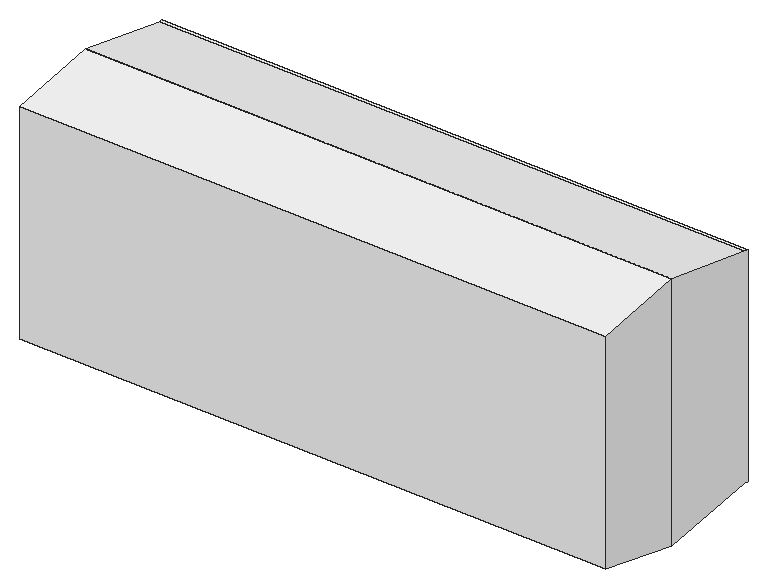
Revit family "T93050. Indus M LED 26m 1-s_Vegg", category Lighting Fixtures, Revit 2016
Family settings
  Part Type = Normal
  Round Connector Dimension = Use Diameter
  OmniClass Number = 23.80.70.00
  OmniClass Title = Lighting
  Work Plane-Based = No
  Always vertical = Yes
  Cut with Voids When Loaded = No
  Light Source = No
  Shared = No
  Room Calculation Point = No
Parameters (values of type "MarkeringsLys (Opp)")
  Type Comments = "-UN"
  NS8360 = "4431_WT2"
  Markeringslys normal = yes
  Markeringslys ikke normal = no
  Keynote = "WT2"
  Height 2 = 0 mm  # constant formula
  Width = 112 mm  # constant formula
  Wattage Comments = "17 W"
  Voltage = 230 V
  URL = ""
  Symbol Positive Direction [instance] = yes
  Symbol Offset Side [instance] = 0 mm
  Symbol Offset Out [instance] = 0 mm
  Reference Line Out [instance] = 50 mm
  Number of Poles = 1
  MarkeringsLys Venstre = no
  MarkeringsLys Ned = no
  MarkeringsLys Opp = yes
  MarkeringsLys Høyre = no
  MarkeringsLys 45 Opp mot venstre = no
  MarkeringsLys 45 Opp mot høyre = no
  MarkeringsLys 45 Ned mot venstre = no
  MarkeringsLys 45 Ned mot høyre = no
  ML = yes
  Load Classification [instance] = Other
  Model = ""
  Manufacturer = "Honeywell"
  Length 1 = Length - 29 mm  # 340 mm
  Length = 369 mm  # constant formula
  LedeLys = no
  Lamp = "1"
  Height 1 = Height - 20 mm  # 131 mm
  Height = 151 mm  # constant formula
  Description = ""
  Body Material and Colour = Steel
  Assembly Code = "4431"
  Apparent Load = 17 VA
Types (8, lengths in mm): name | Markeringslys normal | Markeringslys ikke normal | MarkeringsLys Venstre | MarkeringsLys Ned | MarkeringsLys Opp | MarkeringsLys Høyre | MarkeringsLys 45 Opp mot venstre | MarkeringsLys 45 Opp mot høyre | MarkeringsLys 45 Ned mot venstre | MarkeringsLys 45 Ned mot høyre
  MarkeringsLys (Ned) | yes | no | no | yes | no | no | no | no | no | no
  MarkeringsLys (Opp) | yes | no | no | no | yes | no | no | no | no | no
  MarkeringsLys (Venstre) | no | yes | yes | no | no | no | no | no | no | no
  MarkeringsLys (Høyre) | yes | no | no | no | no | yes | no | no | no | no
  MarkeringsLys (45 Ned mot høyre) | yes | no | no | no | no | no | no | no | no | yes
  MarkeringsLys (45 Ned mot venstre) | no | yes | no | no | no | no | no | no | yes | no
  MarkeringsLys (45 Opp mot høyre) | yes | no | no | no | no | no | no | yes | no | no
  MarkeringsLys (45 Opp mot venstre) | no | yes | no | no | no | no | yes | no | no | no
Reference planes
  plane 1 "Light Source Axis (F/B)": y = 119.961
  plane 2 "Top": z = 83
  plane 3 "Light Source Axis (L/R)": x = 0
  plane 4 "Level": z = 0
  plane 5 "Bottom": z = -151
  plane 6: x = -184.5
  plane 7: x = 184.5
  plane 8: y = 229.961
  plane 9: y = 231.961
  plane 10: z = -10
  plane 11: x = -170
  plane 12: x = 170
  plane 13: z = -75.5
  plane 14: z = -141
  plane 15: x = -80
  plane 16: x = 80
  plane 17: y = 171.961
Forms (mm)
  Extrusion 1, solid, material "White"
    sketch origin (0, 119.961, 0) x (1, 0, 0) y (0, 0, 1)
      loop
        line (-184.5, -10) -> (-184.5, -141) -> (184.5, -141) -> (184.5, -10) -> (-184.5, -10)
      loop
        line (-170, -15) -> (-170, -136) -> (170, -136) -> (170, -15) -> (-170, -15)
    from -112 to -110
  Extrusion 2, solid, material "White"
    sketch origin (0, 0, 0) x (0, 1, 0) y (0, 0, 1)
      loop
        line (171.961, -151) -> (171.961, 0) -> (119.961, -10) -> (119.961, -141) -> (171.961, -151)
    from -184.5 to 184.5
  Extrusion 3, solid, material "White"
    sketch origin (0, 343.921, 0) x (0, -1, 0) y (0, 0, -1)
      loop
        line (171.961, 151) -> (113.961, 141) -> (113.961, 10) -> (171.961, 0) -> (171.961, 151)
    from -184.5 to 184.5
Cuts and joins
  joined: Extrusion 1, Extrusion 3
Lines and regions (mm)
  model lines, style "InvisibleLines"
    curve 1: line (0, 119.961, 0) -> (0, 169.961, 0)
  symbolic lines, style "InvisibleLines"
    curve 2: line (0, 119.961, 50) -> (0, 119.961, 0)
Dimensions and locks
  equal spacing: plane 6, plane 3 "Light Source Axis (L/R)", plane 7
  "Length": plane 6 to plane 7
  plane 8 to plane 1 "Light Source Axis (F/B)" = 110 mm
  locked: plane 9 to plane 8 at 2
  equal spacing: plane 4 "Level", plane 13, plane 5 "Bottom"
  "Height": plane 4 "Level" to plane 5 "Bottom"
  equal spacing: plane 11, plane 3 "Light Source Axis (L/R)", plane 12
  "Length 1": plane 11 to plane 12
  equal spacing: plane 10, plane 13, plane 14
  "Height 1": plane 10 to plane 14
  "Width": plane 1 "Light Source Axis (F/B)" to plane 9
  "Reference Line Out": plane 1 "Light Source Axis (F/B)" to curve 1
  plane 11 to plane 6 = 14.5 mm
  "Height 2": level to plane 4 "Level"
  equal spacing: plane 16, plane 3 "Light Source Axis (L/R)", plane 15
  locked: plane 16 to plane 15 at 160
  plane 1 "Light Source Axis (F/B)" to plane 17 = 52 mm
  aligned and locked: plane 8 to nested 1
  aligned and locked: Extrusion 1 sketch curve to plane 7
  aligned and locked: plane 6 to Extrusion 1 sketch curve
  aligned and locked: plane 11 to Extrusion 1 sketch curve
  aligned and locked: Extrusion 1 sketch curve to plane 12
  aligned and locked: plane 8 to Extrusion 1
  aligned and locked: Extrusion 1 to plane 9
  aligned and locked: nested 1 to plane 13
  aligned and locked: plane 1 "Light Source Axis (F/B)" to curve 1
  aligned and locked: plane 3 "Light Source Axis (L/R)" to curve 1
  aligned and locked: nested 2 to plane 3 "Light Source Axis (L/R)"
  aligned and locked: plane 13 to nested 2
  aligned and locked: nested 2 to plane 8
  aligned and locked: plane 13 to nested 3
  aligned and locked: nested 3 to plane 3 "Light Source Axis (L/R)"
  aligned and locked: nested 3 to plane 8
  aligned and locked: plane 13 to nested 4
  aligned and locked: nested 4 to plane 3 "Light Source Axis (L/R)"
  aligned and locked: nested 4 to plane 8
  aligned and locked: plane 13 to nested 5
  aligned and locked: nested 5 to plane 3 "Light Source Axis (L/R)"
  aligned and locked: nested 5 to plane 8
  aligned and locked: nested 6 to plane 8
  aligned and locked: nested 6 to plane 3 "Light Source Axis (L/R)"
  aligned and locked: plane 13 to nested 6
  aligned and locked: nested 7 to plane 8
  aligned and locked: nested 7 to plane 3 "Light Source Axis (L/R)"
  aligned and locked: plane 13 to nested 7
  aligned and locked: nested 8 to plane 8
  aligned and locked: plane 13 to nested 8
  aligned and locked: nested 8 to plane 3 "Light Source Axis (L/R)"
  aligned and locked: plane 17 to Extrusion 2 sketch curve
  aligned and locked: plane 1 "Light Source Axis (F/B)" to Extrusion 2 sketch curve
  aligned and locked: plane 4 "Level" to Extrusion 2 sketch curve
  aligned and locked: plane 5 "Bottom" to Extrusion 2 sketch curve
  aligned and locked: Extrusion 2 to plane 6
  aligned and locked: plane 7 to Extrusion 2
  aligned and locked: plane 10 to Extrusion 1 sketch curve
  aligned and locked: Extrusion 1 sketch curve to plane 14
  aligned and locked: Extrusion 3 sketch curve to plane 8
  aligned and locked: plane 10 to Extrusion 3 sketch curve
  aligned and locked: plane 14 to Extrusion 3 sketch curve
  aligned and locked: level to curve 2
  aligned and locked: curve 2 to plane 3 "Light Source Axis (L/R)"
  aligned and locked: plane 1 "Light Source Axis (F/B)" to Extrusion 2
  aligned and locked: plane 3 "Light Source Axis (L/R)" to nested 9
  aligned and locked: nested 10 to plane 3 "Light Source Axis (L/R)"
  aligned and locked: nested 10 to Extrusion 2
Automatic sketch dimensions
  Extrusion 2 sketch curve to plane 14 = 0 mm
  Extrusion 2 sketch curve to plane 10 = 0 mm
  plane 14 to Extrusion 1 sketch curve = 5 mm
  Extrusion 1 sketch curve to plane 10 = 5 mm
  plane 5 "Bottom" to Extrusion 3 sketch curve = 0 mm
  Extrusion 3 sketch curve to level = 0 mm
  Extrusion 3 sketch curve to plane 17 = 0 mm
  plane 2 "Top" to curve 2 = 33 mm
Nested families
  nested 1: "Formula 65_ned" at (0, 229.961, -75.5), type "Formula 65"
  nested 2: "Formula 65_skrått 45 grader ned mot høyre" at (0, 229.961, -75.5) x (-1, 0, 0) z (0, 0, 1), visible <- "LedeLys", type "Formula 65"
  nested 3: "Formula 65_skrått 45 grader ned mot venstre" at (0, 229.961, -75.5) x (-1, 0, 0) z (0, 0, 1), type "Formula 65"
  nested 4: "Formula 65_skrått 45 grader opp mot høyre" at (0, 229.961, -75.5) x (-1, 0, 0) z (0, 0, 1), type "Formula 65"
  nested 5: "Formula 65_skrått 45 grader opp mot venstre" at (0, 229.961, -75.5) x (-1, 0, 0) z (0, 0, 1), type "Formula 65"
  nested 6: "Formula 65_høyre" at (0, 229.961, -75.5) x (-1, 0, 0) z (0, 0, 1), type "Formula 65"
  nested 7: "Formula 65_opp" at (0, 229.961, -75.5) x (-1, 0, 0) z (0, 0, 1), type "Formula 65"
  nested 8: "Formula 65_venstre" at (0, 229.961, -75.5) x (-1, 0, 0) z (0, 0, 1), type "Formula 65"
  nested 9: "MarkeringslysEnkelS" at (0, 119.961, 0), type "Type 1"
  nested 10: "MarkeringslysEnkelS" at (0, 119.961, 0) x (-1, 0, 0) z (0, 0, 1), visible <- "LedeLys", type "Type 1"
Connectors
  electrical at (0, 119.961, 0), driven by "Number of Poles", driven by "Load Classification", driven by "Voltage", driven by "Apparent Load"
    settings: index 1, voltage 230 V, apparent load 0 VA, apparent load phase1 17 VA, apparent load phase2 0 VA, apparent load phase3 0 VA, power factor 1, load classification "Other", number of poles 1, system type 31, power factor state 1, is connector primary yes, connector utility no, sub classification motor no, connector description ""
Definition of nested family "Formula 65_opp"
  Parameters (values of type "Formula 65")
    Up = yes
    L = 205 mm
    H = 135 mm
  Reference planes
    plane 1 "Center (Front/Back)": y = 0
    plane 2: z = 0
    plane 3 "Center (Left/Right)": x = 0
    plane 4: y = -2
  Forms (mm)
    Extrusion 1, solid, visible <- "Up"
      sketch origin (453.48, 0, -265.275) x (1, 0, 0) y (0, 0, 1)
        loop
          line (-283.48, 325.775) -> (-623.48, 325.775) -> (-623.48, 204.775) -> (-283.48, 204.775) -> (-283.48, 325.775)
        loop
          circle (-417.615, 311.311) r 8.584
        loop
          line (-410.584, 296.212) -> (-415.061, 291.735) -> (-410.042, 283.042) -> (-424.294, 271.082)
          arc (-424.294, 271.082) -> (-425.135, 269.468) -> (-424.587, 267.732) r 2.378
          line (-424.587, 267.732) -> (-422.549, 265.304)
          arc (-422.549, 265.304) -> (-420.935, 264.463) -> (-419.2, 265.011) r 2.378
          line (-419.2, 265.011) -> (-406.018, 276.072) -> (-399.981, 265.617) -> (-413.827, 253.999) -> (-413.827, 216.163)
          arc (-413.827, 216.163) -> (-412.666, 213.361) -> (-409.864, 212.2) r 3.963
          line (-409.864, 212.2) -> (-405.901, 212.2)
          arc (-405.901, 212.2) -> (-403.099, 213.361) -> (-401.938, 216.163) r 3.963
          line (-401.938, 216.163) -> (-401.938, 248.455) -> (-393.945, 255.162) -> (-387.614, 244.195) -> (-346.457, 244.195)
          arc (-346.457, 244.195) -> (-343.655, 245.356) -> (-342.494, 248.158) r 3.963
          line (-342.494, 248.158) -> (-342.494, 252.121)
          arc (-342.494, 252.121) -> (-343.655, 254.924) -> (-346.457, 256.084) r 3.963
          line (-346.457, 256.084) -> (-367.022, 256.084) -> (-386.981, 290.655) -> (-366.358, 286.639) -> (-358.93, 273.773)
          arc (-358.93, 273.773) -> (-357.426, 272.65) -> (-355.576, 272.968) r 2.378
          line (-355.576, 272.968) -> (-352.83, 274.751)
          arc (-352.83, 274.751) -> (-351.799, 276.251) -> (-352.131, 278.04) r 2.378
          line (-352.131, 278.04) -> (-362.467, 293.956) -> (-403.704, 301.986) -> (-410.584, 296.212)
        loop
          line (-494.749, 290.005) -> (-521.318, 316.575) -> (-547.888, 290.005) -> (-547.888, 274.063) -> (-529.289, 292.662) -> (-529.289, 213.975) -> (-513.347, 213.975) -> (-513.347, 292.662) -> (-494.749, 274.063) -> (-494.749, 290.005)
      from 0 to 2
  Dimensions and locks
    aligned and locked: level to plane 2
Definition of nested family "Formula 65_ned"
  Parameters (values of type "Formula 65")
    Ned = yes
    L = 205 mm
    H = 135 mm
  Reference planes
    plane 1 "Center (Front/Back)": y = 0
    plane 2: z = 0
    plane 3 "Center (Left/Right)": x = 0
    plane 4: y = -2
  Forms (mm)
    Extrusion 1, solid, visible <- "Ned"
      sketch origin (453.48, 0, -265.275) x (1, 0, 0) y (0, 0, 1)
        loop
          line (-283.48, 325.775) -> (-623.48, 325.775) -> (-623.48, 204.775) -> (-283.48, 204.775) -> (-283.48, 325.775)
        loop
          line (-499.749, 240.544) -> (-499.749, 256.486) -> (-518.347, 237.888) -> (-518.347, 316.575) -> (-534.289, 316.575) -> (-534.289, 237.888) -> (-552.888, 256.486) -> (-552.888, 240.544) -> (-526.318, 213.975) -> (-499.749, 240.544)
        loop
          circle (-417.615, 311.311) r 8.584
        loop
          line (-410.584, 296.212) -> (-415.061, 291.735) -> (-410.042, 283.042) -> (-424.294, 271.082)
          arc (-424.294, 271.082) -> (-425.135, 269.468) -> (-424.587, 267.732) r 2.378
          line (-424.587, 267.732) -> (-422.549, 265.304)
          arc (-422.549, 265.304) -> (-420.935, 264.463) -> (-419.2, 265.011) r 2.378
          line (-419.2, 265.011) -> (-406.018, 276.072) -> (-399.981, 265.617) -> (-413.827, 253.999) -> (-413.827, 216.163)
          arc (-413.827, 216.163) -> (-412.666, 213.361) -> (-409.864, 212.2) r 3.963
          line (-409.864, 212.2) -> (-405.901, 212.2)
          arc (-405.901, 212.2) -> (-403.099, 213.361) -> (-401.938, 216.163) r 3.963
          line (-401.938, 216.163) -> (-401.938, 248.455) -> (-393.945, 255.162) -> (-387.614, 244.195) -> (-346.457, 244.195)
          arc (-346.457, 244.195) -> (-343.655, 245.356) -> (-342.494, 248.158) r 3.963
          line (-342.494, 248.158) -> (-342.494, 252.121)
          arc (-342.494, 252.121) -> (-343.655, 254.924) -> (-346.457, 256.084) r 3.963
          line (-346.457, 256.084) -> (-367.022, 256.084) -> (-386.981, 290.655) -> (-366.358, 286.639) -> (-358.93, 273.773)
          arc (-358.93, 273.773) -> (-357.426, 272.65) -> (-355.576, 272.968) r 2.378
          line (-355.576, 272.968) -> (-352.83, 274.751)
          arc (-352.83, 274.751) -> (-351.799, 276.251) -> (-352.131, 278.04) r 2.378
          line (-352.131, 278.04) -> (-362.467, 293.956) -> (-403.704, 301.986) -> (-410.584, 296.212)
      from 0 to 2
  Dimensions and locks
    aligned and locked: level to plane 2
Definition of nested family "Formula 65_skrått 45 grader ned mot høyre"
  Parameters (values of type "Formula 65")
    L = 205 mm
    H = 135 mm
    45 ned mot høyre = yes
  Reference planes
    plane 1 "Center (Front/Back)": y = 0
    plane 2: z = 0
    plane 3 "Center (Left/Right)": x = 0
    plane 4: y = -2
    plane 5: x = -242.63
    plane 6: x = 245
  Forms (mm)
    Extrusion 1, solid, visible <- "45 ned mot høyre"
      sketch origin (453.48, 0, -265.275) x (1, 0, 0) y (0, 0, 1)
        loop
          line (-283.48, 325.775) -> (-623.48, 325.775) -> (-623.48, 204.775) -> (-283.48, 204.775) -> (-283.48, 325.775)
        loop
          circle (-489.344, 311.311) r 8.584
        loop
          line (-496.375, 296.212) -> (-503.256, 301.986) -> (-544.493, 293.956) -> (-554.828, 278.04)
          arc (-554.828, 278.04) -> (-555.16, 276.251) -> (-554.129, 274.751) r 2.378
          line (-554.129, 274.751) -> (-551.383, 272.968)
          arc (-551.383, 272.968) -> (-549.533, 272.65) -> (-548.029, 273.773) r 2.378
          line (-548.029, 273.773) -> (-540.601, 286.639) -> (-519.978, 290.655) -> (-539.937, 256.084) -> (-560.502, 256.084)
          arc (-560.502, 256.084) -> (-563.304, 254.924) -> (-564.465, 252.121) r 3.963
          line (-564.465, 252.121) -> (-564.465, 248.158)
          arc (-564.465, 248.158) -> (-563.304, 245.356) -> (-560.502, 244.195) r 3.963
          line (-560.502, 244.195) -> (-519.345, 244.195) -> (-513.014, 255.162) -> (-505.021, 248.455) -> (-505.021, 216.163)
          arc (-505.021, 216.163) -> (-503.86, 213.361) -> (-501.058, 212.2) r 3.963
          line (-501.058, 212.2) -> (-497.095, 212.2)
          arc (-497.095, 212.2) -> (-494.293, 213.361) -> (-493.132, 216.163) r 3.963
          line (-493.132, 216.163) -> (-493.132, 253.999) -> (-506.978, 265.617) -> (-500.942, 276.072) -> (-487.759, 265.011)
          arc (-487.759, 265.011) -> (-486.024, 264.463) -> (-484.41, 265.304) r 2.378
          line (-484.41, 265.304) -> (-482.372, 267.732)
          arc (-482.372, 267.732) -> (-481.824, 269.468) -> (-482.665, 271.082) r 2.378
          line (-482.665, 271.082) -> (-496.917, 283.042) -> (-491.898, 291.735) -> (-496.375, 296.212)
        loop
          line (-348.33, 266.575) -> (-359.603, 277.848) -> (-359.603, 251.545) -> (-415.243, 307.186) -> (-426.516, 295.913) -> (-370.876, 240.273) -> (-397.178, 240.273) -> (-385.906, 229) -> (-348.33, 229) -> (-348.33, 266.575)
      from 0 to 2
  Dimensions and locks
    aligned and locked: level to plane 2
Definition of nested family "Formula 65_skrått 45 grader ned mot venstre"
  Parameters (values of type "Formula 65")
    L = 205 mm
    H = 135 mm
    45 ned mot venstre = yes
  Reference planes
    plane 1 "Center (Front/Back)": y = 0
    plane 2: z = 0
    plane 3 "Center (Left/Right)": x = 0
    plane 4: y = -2
  Forms (mm)
    Extrusion 1, solid, visible <- "45 ned mot venstre"
      sketch origin (453.48, 0, -265.275) x (1, 0, 0) y (0, 0, 1)
        loop
          line (-283.48, 325.775) -> (-623.48, 325.775) -> (-623.48, 204.775) -> (-283.48, 204.775) -> (-283.48, 325.775)
        loop
          circle (-417.615, 311.311) r 8.584
        loop
          line (-410.584, 296.212) -> (-415.061, 291.735) -> (-410.042, 283.042) -> (-424.294, 271.082)
          arc (-424.294, 271.082) -> (-425.135, 269.468) -> (-424.587, 267.732) r 2.378
          line (-424.587, 267.732) -> (-422.549, 265.304)
          arc (-422.549, 265.304) -> (-420.935, 264.463) -> (-419.2, 265.011) r 2.378
          line (-419.2, 265.011) -> (-406.018, 276.072) -> (-399.981, 265.617) -> (-413.827, 253.999) -> (-413.827, 216.163)
          arc (-413.827, 216.163) -> (-412.666, 213.361) -> (-409.864, 212.2) r 3.963
          line (-409.864, 212.2) -> (-405.901, 212.2)
          arc (-405.901, 212.2) -> (-403.099, 213.361) -> (-401.938, 216.163) r 3.963
          line (-401.938, 216.163) -> (-401.938, 248.455) -> (-393.945, 255.162) -> (-387.614, 244.195) -> (-346.457, 244.195)
          arc (-346.457, 244.195) -> (-343.655, 245.356) -> (-342.494, 248.158) r 3.963
          line (-342.494, 248.158) -> (-342.494, 252.121)
          arc (-342.494, 252.121) -> (-343.655, 254.924) -> (-346.457, 256.084) r 3.963
          line (-346.457, 256.084) -> (-367.022, 256.084) -> (-386.981, 290.655) -> (-366.358, 286.639) -> (-358.93, 273.773)
          arc (-358.93, 273.773) -> (-357.426, 272.65) -> (-355.576, 272.968) r 2.378
          line (-355.576, 272.968) -> (-352.83, 274.751)
          arc (-352.83, 274.751) -> (-351.799, 276.251) -> (-352.131, 278.04) r 2.378
          line (-352.131, 278.04) -> (-362.467, 293.956) -> (-403.704, 301.986) -> (-410.584, 296.212)
        loop
          line (-553.229, 266.575) -> (-553.229, 229) -> (-515.653, 229) -> (-504.381, 240.273) -> (-530.684, 240.273) -> (-475.043, 295.913) -> (-486.316, 307.186) -> (-541.956, 251.545) -> (-541.956, 277.848) -> (-553.229, 266.575)
      from 0 to 2
  Dimensions and locks
    aligned and locked: level to plane 2
Definition of nested family "Formula 65_skrått 45 grader opp mot høyre"
  Parameters (values of type "Formula 65")
    L = 205 mm
    H = 135 mm
    45 grader opp mot høyre = yes
  Reference planes
    plane 1 "Center (Front/Back)": y = 0
    plane 2: z = 0
    plane 3 "Center (Left/Right)": x = 0
    plane 4: y = -2
  Forms (mm)
    Extrusion 1, solid, visible <- "45 grader opp mot høyre"
      sketch origin (453.48, 0, -265.275) x (1, 0, 0) y (0, 0, 1)
        loop
          line (-283.48, 325.775) -> (-623.48, 325.775) -> (-623.48, 204.775) -> (-283.48, 204.775) -> (-283.48, 325.775)
        loop
          circle (-489.344, 311.311) r 8.584
        loop
          line (-496.375, 296.212) -> (-503.256, 301.986) -> (-544.493, 293.956) -> (-554.828, 278.04)
          arc (-554.828, 278.04) -> (-555.16, 276.251) -> (-554.129, 274.751) r 2.378
          line (-554.129, 274.751) -> (-551.383, 272.968)
          arc (-551.383, 272.968) -> (-549.533, 272.65) -> (-548.029, 273.773) r 2.378
          line (-548.029, 273.773) -> (-540.601, 286.639) -> (-519.978, 290.655) -> (-539.937, 256.084) -> (-560.502, 256.084)
          arc (-560.502, 256.084) -> (-563.304, 254.924) -> (-564.465, 252.121) r 3.963
          line (-564.465, 252.121) -> (-564.465, 248.158)
          arc (-564.465, 248.158) -> (-563.304, 245.356) -> (-560.502, 244.195) r 3.963
          line (-560.502, 244.195) -> (-519.345, 244.195) -> (-513.014, 255.162) -> (-505.021, 248.455) -> (-505.021, 216.163)
          arc (-505.021, 216.163) -> (-503.86, 213.361) -> (-501.058, 212.2) r 3.963
          line (-501.058, 212.2) -> (-497.095, 212.2)
          arc (-497.095, 212.2) -> (-494.293, 213.361) -> (-493.132, 216.163) r 3.963
          line (-493.132, 216.163) -> (-493.132, 253.999) -> (-506.978, 265.617) -> (-500.942, 276.072) -> (-487.759, 265.011)
          arc (-487.759, 265.011) -> (-486.024, 264.463) -> (-484.41, 265.304) r 2.378
          line (-484.41, 265.304) -> (-482.372, 267.732)
          arc (-482.372, 267.732) -> (-481.824, 269.468) -> (-482.665, 271.082) r 2.378
          line (-482.665, 271.082) -> (-496.917, 283.042) -> (-491.898, 291.735) -> (-496.375, 296.212)
        loop
          line (-348.33, 263.974) -> (-348.33, 301.549) -> (-385.906, 301.549) -> (-397.178, 290.277) -> (-370.876, 290.277) -> (-426.516, 234.636) -> (-415.243, 223.364) -> (-359.603, 279.004) -> (-359.603, 252.701) -> (-348.33, 263.974)
      from 0 to 2
  Dimensions and locks
    aligned and locked: level to plane 2
Definition of nested family "Formula 65_skrått 45 grader opp mot venstre"
  Parameters (values of type "Formula 65")
    L = 205 mm
    H = 135 mm
    45 opp mot venstre = yes
  Reference planes
    plane 1 "Center (Front/Back)": y = 0
    plane 2: z = 0
    plane 3 "Center (Left/Right)": x = 0
    plane 4: y = -2
  Forms (mm)
    Extrusion 1, solid, visible <- "45 opp mot venstre"
      sketch origin (453.48, 0, -265.275) x (1, 0, 0) y (0, 0, 1)
        loop
          line (-283.48, 325.775) -> (-623.48, 325.775) -> (-623.48, 204.775) -> (-283.48, 204.775) -> (-283.48, 325.775)
        loop
          circle (-417.615, 311.311) r 8.584
        loop
          line (-410.584, 296.212) -> (-415.061, 291.735) -> (-410.042, 283.042) -> (-424.294, 271.082)
          arc (-424.294, 271.082) -> (-425.135, 269.468) -> (-424.587, 267.732) r 2.378
          line (-424.587, 267.732) -> (-422.549, 265.304)
          arc (-422.549, 265.304) -> (-420.935, 264.463) -> (-419.2, 265.011) r 2.378
          line (-419.2, 265.011) -> (-406.018, 276.072) -> (-399.981, 265.617) -> (-413.827, 253.999) -> (-413.827, 216.163)
          arc (-413.827, 216.163) -> (-412.666, 213.361) -> (-409.864, 212.2) r 3.963
          line (-409.864, 212.2) -> (-405.901, 212.2)
          arc (-405.901, 212.2) -> (-403.099, 213.361) -> (-401.938, 216.163) r 3.963
          line (-401.938, 216.163) -> (-401.938, 248.455) -> (-393.945, 255.162) -> (-387.614, 244.195) -> (-346.457, 244.195)
          arc (-346.457, 244.195) -> (-343.655, 245.356) -> (-342.494, 248.158) r 3.963
          line (-342.494, 248.158) -> (-342.494, 252.121)
          arc (-342.494, 252.121) -> (-343.655, 254.924) -> (-346.457, 256.084) r 3.963
          line (-346.457, 256.084) -> (-367.022, 256.084) -> (-386.981, 290.655) -> (-366.358, 286.639) -> (-358.93, 273.773)
          arc (-358.93, 273.773) -> (-357.426, 272.65) -> (-355.576, 272.968) r 2.378
          line (-355.576, 272.968) -> (-352.83, 274.751)
          arc (-352.83, 274.751) -> (-351.799, 276.251) -> (-352.131, 278.04) r 2.378
          line (-352.131, 278.04) -> (-362.467, 293.956) -> (-403.704, 301.986) -> (-410.584, 296.212)
        loop
          line (-564.029, 263.974) -> (-552.756, 252.701) -> (-552.756, 279.004) -> (-497.116, 223.364) -> (-485.843, 234.636) -> (-541.484, 290.277) -> (-515.181, 290.277) -> (-526.453, 301.549) -> (-564.029, 301.549) -> (-564.029, 263.974)
      from 0 to 2
  Dimensions and locks
    aligned and locked: level to plane 2
Definition of nested family "Formula 65_høyre"
  Parameters (values of type "Formula 65")
    L = 205 mm
    Høyre = yes
    H = 135 mm
  Reference planes
    plane 1 "Center (Front/Back)": y = 0
    plane 2: z = 0
    plane 3 "Center (Left/Right)": x = 0
    plane 4: y = -2
  Forms (mm)
    Extrusion 1, solid, visible <- "Høyre"
      sketch origin (453.48, 0, -265.275) x (1, 0, 0) y (0, 0, 1)
        loop
          line (-283.48, 325.775) -> (-623.48, 325.775) -> (-623.48, 204.775) -> (-283.48, 204.775) -> (-283.48, 325.775)
        loop
          circle (-489.344, 311.311) r 8.584
        loop
          line (-496.375, 296.212) -> (-503.256, 301.986) -> (-544.493, 293.956) -> (-554.828, 278.04)
          arc (-554.828, 278.04) -> (-555.16, 276.251) -> (-554.129, 274.751) r 2.378
          line (-554.129, 274.751) -> (-551.383, 272.968)
          arc (-551.383, 272.968) -> (-549.533, 272.65) -> (-548.029, 273.773) r 2.378
          line (-548.029, 273.773) -> (-540.601, 286.639) -> (-519.978, 290.655) -> (-539.937, 256.084) -> (-560.502, 256.084)
          arc (-560.502, 256.084) -> (-563.304, 254.924) -> (-564.465, 252.121) r 3.963
          line (-564.465, 252.121) -> (-564.465, 248.158)
          arc (-564.465, 248.158) -> (-563.304, 245.356) -> (-560.502, 244.195) r 3.963
          line (-560.502, 244.195) -> (-519.345, 244.195) -> (-513.014, 255.162) -> (-505.021, 248.455) -> (-505.021, 216.163)
          arc (-505.021, 216.163) -> (-503.86, 213.361) -> (-501.058, 212.2) r 3.963
          line (-501.058, 212.2) -> (-497.095, 212.2)
          arc (-497.095, 212.2) -> (-494.293, 213.361) -> (-493.132, 216.163) r 3.963
          line (-493.132, 216.163) -> (-493.132, 253.999) -> (-506.978, 265.617) -> (-500.942, 276.072) -> (-487.759, 265.011)
          arc (-487.759, 265.011) -> (-486.024, 264.463) -> (-484.41, 265.304) r 2.378
          line (-484.41, 265.304) -> (-482.372, 267.732)
          arc (-482.372, 267.732) -> (-481.824, 269.468) -> (-482.665, 271.082) r 2.378
          line (-482.665, 271.082) -> (-496.917, 283.042) -> (-491.898, 291.735) -> (-496.375, 296.212)
        loop
          line (-357.175, 291.844) -> (-373.117, 291.844) -> (-354.518, 273.246) -> (-433.205, 273.246) -> (-433.205, 257.304) -> (-354.518, 257.304) -> (-373.117, 238.705) -> (-357.175, 238.705) -> (-330.605, 265.275) -> (-357.175, 291.844)
      from 0 to 2
  Dimensions and locks
    aligned and locked: level to plane 2
Definition of nested family "Formula 65_venstre"
  Parameters (values of type "Formula 65")
    Venstre = yes
    L = 340 mm
    H = 135 mm
  Reference planes
    plane 1 "Center (Front/Back)": y = 0
    plane 2: z = 0
    plane 3 "Center (Left/Right)": x = 0
    plane 4: y = -2
  Forms (mm)
    Extrusion 1, solid, visible <- "Venstre"
      sketch origin (453.48, 0, -265.275) x (1, 0, 0) y (0, 0, 1)
        loop
          line (-283.48, 325.775) -> (-623.48, 325.775) -> (-623.48, 204.775) -> (-283.48, 204.775) -> (-283.48, 325.775)
        loop
          circle (-417.615, 311.311) r 8.584
        loop
          line (-410.584, 296.212) -> (-415.061, 291.735) -> (-410.042, 283.042) -> (-424.294, 271.082)
          arc (-424.294, 271.082) -> (-425.135, 269.468) -> (-424.587, 267.732) r 2.378
          line (-424.587, 267.732) -> (-422.549, 265.304)
          arc (-422.549, 265.304) -> (-420.935, 264.463) -> (-419.2, 265.011) r 2.378
          line (-419.2, 265.011) -> (-406.018, 276.072) -> (-399.981, 265.617) -> (-413.827, 253.999) -> (-413.827, 216.163)
          arc (-413.827, 216.163) -> (-412.666, 213.361) -> (-409.864, 212.2) r 3.963
          line (-409.864, 212.2) -> (-405.901, 212.2)
          arc (-405.901, 212.2) -> (-403.099, 213.361) -> (-401.938, 216.163) r 3.963
          line (-401.938, 216.163) -> (-401.938, 248.455) -> (-393.945, 255.162) -> (-387.614, 244.195) -> (-346.457, 244.195)
          arc (-346.457, 244.195) -> (-343.655, 245.356) -> (-342.494, 248.158) r 3.963
          line (-342.494, 248.158) -> (-342.494, 252.121)
          arc (-342.494, 252.121) -> (-343.655, 254.924) -> (-346.457, 256.084) r 3.963
          line (-346.457, 256.084) -> (-367.022, 256.084) -> (-386.981, 290.655) -> (-366.358, 286.639) -> (-358.93, 273.773)
          arc (-358.93, 273.773) -> (-357.426, 272.65) -> (-355.576, 272.968) r 2.378
          line (-355.576, 272.968) -> (-352.83, 274.751)
          arc (-352.83, 274.751) -> (-351.799, 276.251) -> (-352.131, 278.04) r 2.378
          line (-352.131, 278.04) -> (-362.467, 293.956) -> (-403.704, 301.986) -> (-410.584, 296.212)
        loop
          line (-540.334, 291.844) -> (-566.904, 265.275) -> (-540.334, 238.705) -> (-524.393, 238.705) -> (-542.991, 257.304) -> (-464.304, 257.304) -> (-464.304, 273.246) -> (-542.991, 273.246) -> (-524.393, 291.844) -> (-540.334, 291.844)
      from 0 to 2
  Dimensions and locks
    aligned and locked: level to plane 2
Definition of nested family "MarkeringslysEnkelS"
  Parameters (values of type "Type 1")
    Venstre opp 45 = no
    Venstre ned 45 = no
    Venstre = no
    Opp = yes
    Normal = yes
    Ned = no
    Ikke normal = no
    Høyre opp 45 = no
    Høyre ned 45 = no
    Høyre = no
    CQ Symbol Positive Direction = yes
    CQ Symbol Negative Direction = not(CQ Symbol Positive Direction)  # no
    CQ Symbol Offset Side = 0 mm
    CQ Symbol Offset Out = 0 mm
  Reference planes
    plane 1: y = 0
    plane 2: x = 0
  Dimensions and locks
    "CQ Symbol Offset Out": plane 1 to nested 1
    "CQ Symbol Offset Out": plane 1 to nested 2
    "CQ Symbol Offset Side": plane 2 to nested 2
    "CQ Symbol Offset Side": nested 1 to plane 2
  Nested families
    nested 1: "Markeringslys dobbel" at (0, 0, 0), visible <- "CQ Symbol Negative Direction", type "Type 1"
    nested 2: "Markeringslys dobbel" at (0, 0, 0), visible <- "CQ Symbol Positive Direction", type "Type 1"
  Definition of nested family "Markeringslys dobbel"
    Parameters (values of type "Type 1")
      Venstre opp 45 = no
      Venstre ned 45 = no
      Venstre = no
      Opp = yes
      Normal = yes
      Ned = no
      Ikke normal = no
      Høyre opp 45 = no
      Høyre ned 45 = no
      Høyre = no
    Reference planes
      plane 1: y = 0
      plane 2: x = 0
    Lines and regions (mm)
      detail lines
        curve 1: line (-4, 4, 0) -> (4, 4, 0)
        curve 2: line (4, 4, 0) -> (4, 0, 0)
        curve 3: line (-4, 0, 0) -> (-4, 4, 0)
        curve 120: line (4, 0, 0) -> (-4, 0, 0)
      detail lines, visible <- "Ned"
        curve 4: line (-2.346, 0.5, 0) -> (-1.646, 0.5, 0)
        curve 5: line (-2.346, 0.5, 0) -> (-2.346, 2.584, 0)
        curve 6: line (-1.646, 0.5, 0) -> (-1.646, 2.584, 0)
        curve 7: line (-1.996, 3.5, 0) -> (-2.996, 2.5, 0)
        curve 8: line (-2.996, 2.5, 0) -> (-2.996, 1.934, 0)
        curve 9: line (-2.996, 1.934, 0) -> (-2.346, 2.584, 0)
        curve 10: line (-1.996, 3.5, 0) -> (-0.996, 2.5, 0)
        curve 11: line (-0.996, 2.5, 0) -> (-0.996, 1.934, 0)
        curve 12: line (-0.996, 1.934, 0) -> (-1.646, 2.584, 0)
      detail lines, visible <- "Normal"
        curve 13: circle (1.212, 0.614, 0) r 0.3 normal (0, 0, -1)
        curve 14: line (0.986, 3.7, 0) -> (1.395, 3.7, 0)
        curve 15: line (0.986, 3.7, 0) -> (1.823, 2.308, 0)
        curve 16: line (1.823, 2.308, 0) -> (1.461, 1.495, 0)
        curve 17: line (1.069, 2.147, 0) -> (1.461, 1.495, 0)
        curve 18: line (1.069, 2.147, 0) -> (0.487, 2.147, 0)
        curve 19: line (0.487, 2.147, 0) -> (0.487, 1.847, 0)
        curve 20: line (0.487, 1.847, 0) -> (0.899, 1.847, 0)
        curve 21: line (0.899, 1.847, 0) -> (1.307, 1.169, 0)
        curve 22: line (1.395, 3.7, 0) -> (2.104, 2.518, 0)
        curve 23: line (1.307, 1.169, 0) -> (1.753, 0.97, 0)
        curve 24: line (1.753, 0.97, 0) -> (2.625, 0.97, 0)
        curve 25: line (2.625, 0.97, 0) -> (2.99, 1.627, 0)
        curve 26: line (2.99, 1.627, 0) -> (2.769, 1.848, 0)
        curve 27: line (2.769, 1.848, 0) -> (2.457, 1.285, 0)
        curve 28: line (2.104, 2.518, 0) -> (2.259, 3.229, 0)
        curve 29: line (2.259, 3.229, 0) -> (3.557, 3.229, 0)
        curve 30: line (3.557, 3.229, 0) -> (3.457, 2.879, 0)
        curve 31: line (3.457, 2.879, 0) -> (2.541, 2.879, 0)
        curve 32: line (2.541, 2.879, 0) -> (2.4, 2.23, 0)
        curve 33: line (2.4, 2.23, 0) -> (2.021, 1.38, 0)
        curve 34: line (2.021, 1.38, 0) -> (2.457, 1.285, 0)
      detail lines, visible <- "Opp"
        curve 35: line (-1.646, 3.5, 0) -> (-2.346, 3.5, 0)
        curve 36: line (-1.646, 3.5, 0) -> (-1.646, 1.416, 0)
        curve 37: line (-2.346, 3.5, 0) -> (-2.346, 1.416, 0)
        curve 38: line (-1.996, 0.5, 0) -> (-0.996, 1.5, 0)
        curve 39: line (-0.996, 1.5, 0) -> (-0.996, 2.066, 0)
        curve 40: line (-0.996, 2.066, 0) -> (-1.646, 1.416, 0)
        curve 41: line (-1.996, 0.5, 0) -> (-2.996, 1.5, 0)
        curve 42: line (-2.996, 1.5, 0) -> (-2.996, 2.066, 0)
        curve 43: line (-2.996, 2.066, 0) -> (-2.346, 1.416, 0)
      detail lines, visible <- "Høyre"
        curve 44: line (-0.496, 1.65, 0) -> (-0.496, 2.35, 0)
        curve 45: line (-0.496, 1.65, 0) -> (-2.58, 1.65, 0)
        curve 46: line (-0.496, 2.35, 0) -> (-2.58, 2.35, 0)
        curve 47: line (-3.496, 2, 0) -> (-2.496, 1, 0)
        curve 48: line (-2.496, 1, 0) -> (-1.93, 1, 0)
        curve 49: line (-1.93, 1, 0) -> (-2.58, 1.65, 0)
        curve 50: line (-3.496, 2, 0) -> (-2.496, 3, 0)
        curve 51: line (-2.496, 3, 0) -> (-1.93, 3, 0)
        curve 52: line (-1.93, 3, 0) -> (-2.58, 2.35, 0)
      detail lines, visible <- "Ikke normal"
        curve 53: circle (-1.299, 0.614, 0) r 0.3 normal (0, 0, 1)
        curve 54: line (-1.073, 3.7, 0) -> (-1.482, 3.7, 0)
        curve 55: line (-1.073, 3.7, 0) -> (-1.91, 2.308, 0)
        curve 56: line (-1.91, 2.308, 0) -> (-1.548, 1.495, 0)
        curve 57: line (-1.156, 2.147, 0) -> (-1.548, 1.495, 0)
        curve 58: line (-1.156, 2.147, 0) -> (-0.574, 2.147, 0)
        curve 59: line (-0.574, 2.147, 0) -> (-0.574, 1.847, 0)
        curve 60: line (-0.574, 1.847, 0) -> (-0.986, 1.847, 0)
        curve 61: line (-0.986, 1.847, 0) -> (-1.394, 1.169, 0)
        curve 62: line (-1.482, 3.7, 0) -> (-2.192, 2.518, 0)
        curve 63: line (-1.394, 1.169, 0) -> (-1.84, 0.97, 0)
        curve 64: line (-1.84, 0.97, 0) -> (-2.713, 0.97, 0)
        curve 65: line (-2.713, 0.97, 0) -> (-3.077, 1.627, 0)
        curve 66: line (-3.077, 1.627, 0) -> (-2.856, 1.848, 0)
        curve 67: line (-2.856, 1.848, 0) -> (-2.544, 1.285, 0)
        curve 68: line (-2.192, 2.518, 0) -> (-2.346, 3.229, 0)
        curve 69: line (-2.346, 3.229, 0) -> (-3.644, 3.229, 0)
        curve 70: line (-3.644, 3.229, 0) -> (-3.544, 2.879, 0)
        curve 71: line (-3.544, 2.879, 0) -> (-2.628, 2.879, 0)
        curve 72: line (-2.628, 2.879, 0) -> (-2.487, 2.23, 0)
        curve 73: line (-2.487, 2.23, 0) -> (-2.108, 1.38, 0)
        curve 74: line (-2.108, 1.38, 0) -> (-2.544, 1.285, 0)
      detail lines, visible <- "Venstre"
        curve 75: line (0.409, 1.65, 0) -> (0.409, 2.35, 0)
        curve 76: line (0.409, 1.65, 0) -> (2.493, 1.65, 0)
        curve 77: line (0.409, 2.35, 0) -> (2.493, 2.35, 0)
        curve 78: line (3.409, 2, 0) -> (2.409, 1, 0)
        curve 79: line (2.409, 1, 0) -> (1.843, 1, 0)
        curve 80: line (1.843, 1, 0) -> (2.493, 1.65, 0)
        curve 81: line (3.409, 2, 0) -> (2.409, 3, 0)
        curve 82: line (2.409, 3, 0) -> (1.843, 3, 0)
        curve 83: line (1.843, 3, 0) -> (2.493, 2.35, 0)
      detail lines, visible <- "Venstre ned 45"
        curve 84: line (1.096, 0.939, 0) -> (0.601, 1.434, 0)
        curve 85: line (1.096, 0.939, 0) -> (2.57, 2.413, 0)
        curve 86: line (0.601, 1.434, 0) -> (2.075, 2.908, 0)
        curve 87: line (2.97, 3.308, 0) -> (2.97, 1.894, 0)
        curve 88: line (2.97, 1.894, 0) -> (2.57, 1.494, 0)
        curve 89: line (2.57, 1.494, 0) -> (2.57, 2.413, 0)
        curve 90: line (2.97, 3.308, 0) -> (1.556, 3.308, 0)
        curve 91: line (1.556, 3.308, 0) -> (1.156, 2.908, 0)
        curve 92: line (1.156, 2.908, 0) -> (2.075, 2.908, 0)
      detail lines, visible <- "Venstre opp 45"
        curve 93: line (0.601, 2.813, 0) -> (1.096, 3.308, 0)
        curve 94: line (0.601, 2.813, 0) -> (2.075, 1.339, 0)
        curve 95: line (1.096, 3.308, 0) -> (2.57, 1.834, 0)
        curve 96: line (2.97, 0.939, 0) -> (1.556, 0.939, 0)
        curve 97: line (1.556, 0.939, 0) -> (1.156, 1.339, 0)
        curve 98: line (1.156, 1.339, 0) -> (2.075, 1.339, 0)
        curve 99: line (2.97, 0.939, 0) -> (2.97, 2.354, 0)
        curve 100: line (2.97, 2.354, 0) -> (2.57, 2.754, 0)
        curve 101: line (2.57, 2.754, 0) -> (2.57, 1.834, 0)
      detail lines, visible <- "Høyre ned 45"
        curve 102: line (-1.18, 0.517, 0) -> (-0.685, 1.012, 0)
        curve 103: line (-1.18, 0.517, 0) -> (-2.654, 1.991, 0)
        curve 104: line (-0.685, 1.012, 0) -> (-2.159, 2.486, 0)
        curve 105: line (-3.054, 2.886, 0) -> (-3.054, 1.472, 0)
        curve 106: line (-3.054, 1.472, 0) -> (-2.654, 1.072, 0)
        curve 107: line (-2.654, 1.072, 0) -> (-2.654, 1.991, 0)
        curve 108: line (-3.054, 2.886, 0) -> (-1.64, 2.886, 0)
        curve 109: line (-1.64, 2.886, 0) -> (-1.24, 2.486, 0)
        curve 110: line (-1.24, 2.486, 0) -> (-2.159, 2.486, 0)
      detail lines, visible <- "Høyre opp 45"
        curve 111: line (-0.685, 2.391, 0) -> (-1.18, 2.886, 0)
        curve 112: line (-0.685, 2.391, 0) -> (-2.159, 0.917, 0)
        curve 113: line (-1.18, 2.886, 0) -> (-2.654, 1.412, 0)
        curve 114: line (-3.054, 0.517, 0) -> (-1.64, 0.517, 0)
        curve 115: line (-1.64, 0.517, 0) -> (-1.24, 0.917, 0)
        curve 116: line (-1.24, 0.917, 0) -> (-2.159, 0.917, 0)
        curve 117: line (-3.054, 0.517, 0) -> (-3.054, 1.932, 0)
        curve 118: line (-3.054, 1.932, 0) -> (-2.654, 2.332, 0)
        curve 119: line (-2.654, 2.332, 0) -> (-2.654, 1.483, 0)
